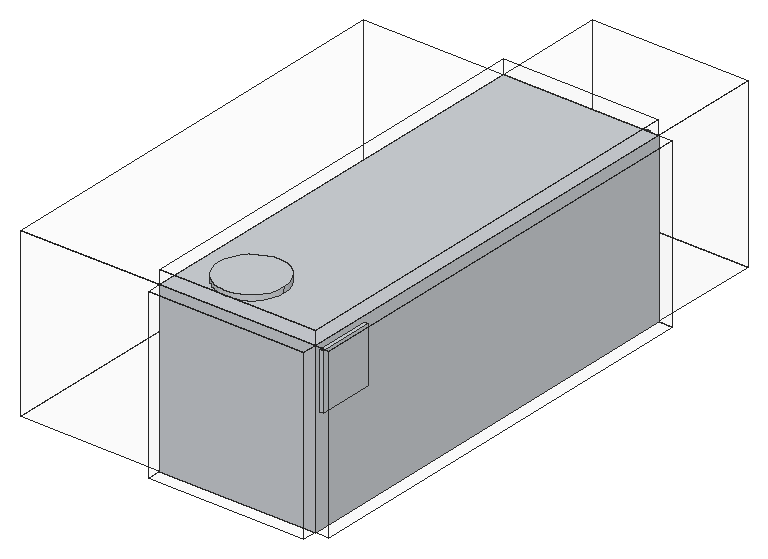
Revit family
Parameters (values of type "CHN2072")
  water outlet radius = 1 1/4"
  water inlet/outlet center to center [instance] = 11 1/4"
  water inlet radius = 1 1/4"
  WATER OUT CONN SIZE = water outlet radius * 2  # 2 1/2"
  WATER IN CONN SIZE = water inlet radius * 2  # 2 1/2"
  SES BIM Studio # = "201264901-10"
  H_water conn offset from back = 8 3/4"
  vent radius = 7"
  F_vent offset from rear = 11"
  E_vent offset from right side = 11"
  VENT SIZE = vent radius * 2  # 14"
  top clearance = 3"
  rear clearance = 3"
  OUTPUT RATE (BTUH) = "1,759,500"
  front clearance = 30"
  D_water conn ht = 15 3/4"
  DRAIN SIZE = "3/4\""
  C_DEPTH = 33 1/2"
  Total Amps-Heater and Pumps = "6.3"
  Voltage/Heater = "120"
  Voltage/Control = "24"
  URL = "http://www.lochinvar.com/products/default.aspx?type=productline&lineid=7"
  Total Amps = "14"
  Model = "CHN2072"
  Manufacturer = "Lochinvar"
  MODEL NO. = "CHN2072"
  GAS CONN SIZE = gas conn radius * 2  # 2"
  gas conn radius = 1"
  G_gas conn ht = 33 3/4"
  GALLON CAPACITY = "4.8"
  right side clearance = 3"
  B_WIDTH = 92 1/2"
  INPUT RATE (BTUH) = "2,070,000"
  A_HEIGHT = 36"
  FUEL TYPE = "NATURAL GAS"
  Description = "Copper-Fin II Commercial Gas Boiler"
  Fuel Type = "Natural or LP"
  left side clearance = 24"
  air inlet offset from right side = 1"
  AIR INLET WIDTH = 12"
  air inlet offset from top = 1"
  AIR INLET HEIGHT = 12"
  # of Electrical Connections = "1"
Types (10): name | water outlet radius | water inlet/outlet center to center | water inlet radius | WATER OUT CONN SIZE | WATER IN CONN SIZE | H_water conn offset from back | vent radius | F_vent offset from rear | E_vent offset from right side | VENT SIZE | OUTPUT RATE (BTUH) | D_water conn ht | C_DEPTH | Total Amps | Model | MODEL NO. | GAS CONN SIZE | gas conn radius | G_gas conn ht | GALLON CAPACITY | B_WIDTH | INPUT RATE (BTUH) | A_HEIGHT | AIR INLET WIDTH | AIR INLET HEIGHT
  (no name) | 1 1/4" | 11 1/4" | 1 1/4" | 2 1/2" | 2 1/2" | 8 3/4" | 7" | 11" | 11" | 14" | "1,759,500" | 15 3/4" | 33 1/2" | "14" | "CHN2072" | "CHN2072" | 2" | 1" | 33 3/4" | "4.8" | 92 1/2" | "2,070,000" | 36" | 12" | 12"
  CHN0402 | 1" | 6 1/2" | 1" | 2" | 2" | 6 1/2" | 3" | 7" | 7" | 6" | "339,999" | 12 1/2" | 22 1/4" | "6.3" | "CHN0402" | "CHN0402" | 1 1/4" | 5/8" | 29" | "1.5" | 37 3/4" | "399,999" | 31 1/2" | 6" | 6"
  CHN0502 | 1" | 6 1/2" | 1" | 2" | 2" | 6 1/2" | 3" | 7" | 7" | 6" | "425,000" | 12 1/2" | 22 1/4" | "6.3" | "CHN0502" | "CHN0502" | 1 1/4" | 5/8" | 29" | "1.7" | 45 1/2" | "500,000" | 31 1/2" | 6" | 6"
  CHN0652 | 1" | 6 1/2" | 1" | 2" | 2" | 6 1/2" | 4" | 8 1/4" | 8 1/2" | 8" | "552,500" | 12 1/2" | 22 1/4" | "8.8" | "CHN0652" | "CHN0652" | 1 1/4" | 5/8" | 29" | "1.9" | 56 3/4" | "650,00" | 31 1/2" | 6" | 6"
  CHN0752 | 1" | 6 1/2" | 1" | 2" | 2" | 6 1/2" | 4" | 8 1/4" | 8 1/2" | 8" | "637,500" | 12 1/2" | 22 1/4" | "8.8" | "CHN0752" | "CHN0752" | 1 1/4" | 5/8" | 29" | "2.0" | 64" | "750,000" | 31 1/2" | 8" | 8"
  CHN0992 | 1 1/4" | 11 1/4" | 1 1/4" | 2 1/2" | 2 1/2" | 8 3/4" | 5" | 8 1/2" | 8 1/2" | 10" | "841,500" | 15 3/4" | 33 1/2" | "10.5" | "CHN0992" | "CHN0992" | 2" | 1" | 33 3/4" | "3.4" | 48 1/4" | "990,000" | 36" | 10" | 10"
  CHN1262 | 1 1/4" | 11 1/4" | 1 1/4" | 2 1/2" | 2 1/2" | 8 3/4" | 6" | 9 1/2" | 10 1/2" | 12" | "1,071,000" | 15 3/4" | 33 1/2" | "10.5" | "CHN1262" | "CHN1262" | 2" | 1" | 33 3/4" | "3.7" | 58 1/2" | "1,260,000" | 36" | 12" | 12"
  CHN1442 | 1 1/4" | 11 1/4" | 1 1/4" | 2 1/2" | 2 1/2" | 8 3/4" | 6" | 10 1/2" | 10 1/2" | 12" | "1,224,000" | 15 3/4" | 33 1/2" | "14" | "CHN1442" | "CHN1442" | 2" | 1" | 33 3/4" | "4.1" | 68 3/4" | "1,440,000" | 36" | 12" | 12"
  CHN1802 | 1 1/4" | 11 1/4" | 1 1/4" | 2 1/2" | 2 1/2" | 8 3/4" | 7" | 11" | 11" | 14" | "1,530,000" | 15 3/4" | 33 1/2" | "14" | "CHN1802" | "CHN1802" | 2" | 1" | 33 3/4" | "4.5" | 82 1/4" | "1,800,000" | 36" | 12" | 12"
  CHN2072 | 1 1/4" | 11 1/4" | 1 1/4" | 2 1/2" | 2 1/2" | 8 3/4" | 7" | 11" | 11" | 14" | "1,759,500" | 15 3/4" | 33 1/2" | "14" | "CHN2072" | "CHN2072" | 2" | 1" | 33 3/4" | "4.8" | 92 1/2" | "2,070,000" | 36" | 12" | 12"
Reference planes (in)
  plane 1 "Center (Front/Back)": y = 2
  plane 2: z = 0
  plane 3 "Center (Left/Right)": x = 0
  plane 4 "Front": x = -16.75
  plane 5 "Left": y = 48.25
  plane 6 "Right": y = -44.25
  plane 7 "Top": z = 36
  plane 8 "Back": x = 16.75
  plane 9: z = 33.75
  plane 10 "Outlet offset plane": x = 8
  plane 11 "inlet/outlet": z = 15.75
  plane 12 "Air Inlet Width": y = -31.25
  plane 13 "Air Inlet offset plane": y = -43.25
  plane 14 "Vent offset plane": y = -33.25
  plane 15 "Inlet offset Plane": x = -3.25
  plane 16 "VENT C/L": x = -5.75
  plane 17 "Bottom of Casing": z = 2
  plane 18 "Air Inlet Top": z = 35
  plane 19: z = 23
  plane 20 "Gas offset plane": x = 12.75
Forms (in)
  Extrusion 1, solid
    sketch origin (0, 0, 0) x (1, 0, 0) y (0, 1, 0)
      loop
        line (-16.75, 48.25) -> (-16.75, -44.25) -> (16.75, -44.25) -> (16.75, 48.25) -> (-16.75, 48.25)
    from 0 to 36
  Extrusion 2, solid
    sketch origin (0, 48.25, 0) x (1, 0, 0) y (0, 0, 1)
      loop
        circle (8, 15.75) r 1.25
    from 0 to -1
  Extrusion 3, solid
    sketch origin (12.5, -180, 33.34128) x (-1, 0, 0) y (0, -1, 0)
      loop
        circle (18.25, -146.75) r 7
    from 2.65872 to 3.75
  Extrusion 4, solid, material "Clearance"
    sketch origin (-22.25, 0, 0) x (1, 0, 0) y (0, 1, 0)
      loop
        line (-24.5, 48.25) -> (-24.5, -44.25) -> (5.5, -44.25) -> (5.5, 48.25) -> (-24.5, 48.25)
    from 0 to 36
  Extrusion 5, solid, material "Clearance"
    sketch origin (24, 0, 0) x (1, 0, 0) y (0, 1, 0)
      loop
        line (-7.25, 48.25) -> (-7.25, -44.25) -> (-4.25, -44.25) -> (-4.25, 48.25) -> (-7.25, 48.25)
    from 0 to 36
  Extrusion 6, solid, material "Clearance"
    sketch origin (0, -45.25, 0) x (1, 0, 0) y (0, 1, 0)
      loop
        line (-16.75, 1) -> (-16.75, -2) -> (16.75, -2) -> (16.75, 1) -> (-16.75, 1)
    from 0 to 36
  Extrusion 7, solid, material "Clearance"
    sketch origin (60, 24, 0) x (1, 0, 0) y (0, 1, 0)
      loop
        line (-76.75, 48.25) -> (-76.75, 24.25) -> (-43.25, 24.25) -> (-43.25, 48.25) -> (-76.75, 48.25)
    from 0 to 36
  Extrusion 8, solid, material "Clearance"
    sketch origin (3, 0, 33.25) x (1, 0, 0) y (0, 1, 0)
      loop
        line (-19.75, 48.25) -> (-19.75, -44.25) -> (13.75, -44.25) -> (13.75, 48.25) -> (-19.75, 48.25)
    from 2.75 to 5.75
  Extrusion 9, solid
    sketch origin (-6, 24.625, 0) x (1, 0, 0) y (0, 0, 1)
      loop
        circle (2.75, 15.75) r 1.25
    from -23.625 to -24.625
  Extrusion 10, solid
    sketch origin (0, 48.25, 0) x (1, 0, 0) y (0, 0, 1)
      loop
        circle (12.75, 33.75) r 1
    from 0 to -2
  Extrusion 11, solid
    sketch origin (16.75, 0, 0) x (0, 1, 0) y (0, 0, 1)
      loop
        line (-43.25, 35) -> (-43.25, 23) -> (-31.25, 23) -> (-31.25, 35) -> (-43.25, 35)
    from 0 to 1
Lines and regions (in)
  reference lines
    curve 1: line (16.75, -44.25, 0) -> (16.75, 48.25, 0)
Text (in)
  text "VENT" at (-7.07319, 9.49648, 0), in view "Ref. Level"
  text "Outlet" at (10.60483, 0, 10.45411), in view "Left"
  text "Inlet" at (-0.39517, 0, 10.45411), in view "Left"
  text "FRONT" at (-6.59392, 0, -6.80343), in view "Right"
  text "FRONT" at (-60.0409, 11.34615, 0), in view "Ref. Level"
  text "BACK" at (95.9591, 11.34615, 0), in view "Ref. Level"
  text "RIGHT" at (3.05477, -68.89429, 0), in view "Ref. Level"
  text "LEFT" at (3.05477, 70.10571, 0), in view "Ref. Level"
Dimensions and locks (in)
  equal spacing: plane 4 "Front", plane 3 "Center (Left/Right)", plane 8 "Back"
  "C_DEPTH": plane 4 "Front" to plane 8 "Back"
  "A_HEIGHT": plane 7 "Top" to level
  "D_water conn ht": plane 11 "inlet/outlet" to level
  "B_WIDTH": plane 6 "Right" to plane 5 "Left"
  "E_vent offset from right side": plane 6 "Right" to plane 14 "Vent offset plane"
  equal spacing: plane 6 "Right", plane 1 "Center (Front/Back)", plane 5 "Left"
  locked: Extrusion 3 to Extrusion 1 at 1.09128
  "front clearance": Extrusion 4 to plane 4 "Front"
  "rear clearance": Extrusion 5 to Extrusion 5
  "right side clearance": Extrusion 6 to Extrusion 6
  "top clearance": Extrusion 7 to Extrusion 8
  locked: plane 5 "Left" to Extrusion 9 at 1
  plane 7 "Top" to Extrusion 3 = 1.09128"
  "left side clearance": Extrusion 7 to Extrusion 8
  "F_vent offset from rear": plane 4 "Front" to plane 16 "VENT C/L"
  "G_gas conn ht": plane 2 to plane 9
  plane 15 "Inlet offset Plane" to plane 10 "Outlet offset plane" = 11 1/4"
  "air inlet offset from top": plane 7 "Top" to plane 18 "Air Inlet Top"
  "air inlet offset from right side": plane 13 "Air Inlet offset plane" to plane 6 "Right"
  "AIR INLET WIDTH": plane 12 "Air Inlet Width" to plane 13 "Air Inlet offset plane"
  "AIR INLET HEIGHT": plane 18 "Air Inlet Top" to plane 19
  "H_water conn offset from back": plane 8 "Back" to plane 10 "Outlet offset plane"
  "water inlet/outlet center to center": plane 10 "Outlet offset plane" to plane 15 "Inlet offset Plane"
  plane 8 "Back" to plane 20 "Gas offset plane" = 4"
  radius of Extrusion 2 = 1 1/4"
  "water outlet radius": radius of Extrusion 2 sketch curve
  "water inlet radius": radius of Extrusion 9 sketch curve
  "vent radius": radius of Extrusion 3 sketch curve
  "gas conn radius": radius of Extrusion 10 sketch curve
  aligned and locked: Extrusion 1 to plane 4 "Front"
  aligned and locked: plane 7 "Top" to Extrusion 1
  aligned and locked: plane 11 "inlet/outlet" to Extrusion 2 sketch curve
  aligned and locked: plane 6 "Right" to Extrusion 1
  aligned and locked: Extrusion 1 to plane 5 "Left"
  aligned and locked: Extrusion 1 to level
  aligned and locked: Extrusion 3 to Extrusion 1
  aligned and locked: Extrusion 6 to plane 4 "Front"
  aligned and locked: plane 8 "Back" to Extrusion 6
  aligned: plane 8 "Back" to Extrusion 7
  aligned: Extrusion 7 to plane 4 "Front"
  aligned and locked: Extrusion 1 to Extrusion 6
  aligned and locked: Extrusion 1 to Extrusion 5
  aligned and locked: Extrusion 1 to Extrusion 7
  aligned and locked: Extrusion 8 to plane 4 "Front"
  aligned and locked: plane 8 "Back" to Extrusion 8
  aligned and locked: Extrusion 8 to Extrusion 4
  aligned and locked: Extrusion 6 to Extrusion 4
  aligned and locked: plane 8 "Back" to Extrusion 7
  aligned and locked: plane 4 "Front" to Extrusion 7
  aligned and locked: plane 5 "Left" to Extrusion 8
  aligned and locked: Extrusion 4 to Extrusion 2
  aligned and locked: plane 16 "VENT C/L" to Extrusion 3 sketch curve
  aligned and locked: plane 5 "Left" to Extrusion 9
  aligned and locked: Extrusion 11 sketch curve to plane 12 "Air Inlet Width"
  aligned and locked: plane 13 "Air Inlet offset plane" to Extrusion 11 sketch curve
  aligned and locked: plane 18 "Air Inlet Top" to Extrusion 11 sketch curve
  aligned and locked: Extrusion 11 sketch curve to plane 19
Automatic sketch dimensions
  Extrusion 1 sketch curve to plane 4 "Front" = 0"
  plane 5 "Left" to Extrusion 1 sketch curve = 0"
  Extrusion 1 sketch curve to plane 8 "Back" = 0"
  plane 6 "Right" to Extrusion 1 sketch curve = 0"
  Extrusion 2 sketch curve to plane 10 "Outlet offset plane" = 0"
  curve 1 to level = 0"
  curve 1 to plane 6 "Right" = 0"
  curve 1 to plane 5 "Left" = 0"
  plane 6 "Right" to Extrusion 4 sketch curve = 0"
  plane 5 "Left" to Extrusion 4 sketch curve = 0"
  Extrusion 4 sketch curve to plane 4 "Front" = 0"
  Extrusion 4 sketch curve to plane 4 "Front" = 30"
  plane 6 "Right" to Extrusion 5 sketch curve = 0"
  Extrusion 5 sketch curve to plane 8 "Back" = 0"
  plane 5 "Left" to Extrusion 5 sketch curve = 0"
  Extrusion 5 sketch curve to Extrusion 5 sketch curve = 3"
  Extrusion 6 sketch curve to plane 4 "Front" = 0"
  plane 6 "Right" to Extrusion 6 sketch curve = 0"
  Extrusion 6 sketch curve to plane 8 "Back" = 0"
  plane 5 "Left" to Extrusion 7 sketch curve = 0"
  Extrusion 7 sketch curve to plane 8 "Back" = 33 1/2"
  Extrusion 7 sketch curve to plane 5 "Left" = 24"
  Extrusion 7 sketch curve to Extrusion 7 sketch curve = 33 1/2"
  Extrusion 8 sketch curve to plane 4 "Front" = 0"
  Extrusion 8 sketch curve to plane 5 "Left" = 0"
  Extrusion 8 sketch curve to plane 8 "Back" = 0"
  plane 6 "Right" to Extrusion 8 sketch curve = 0"
  Extrusion 9 sketch curve to plane 11 "inlet/outlet" = 0"
  Extrusion 9 sketch curve to plane 15 "Inlet offset Plane" = 0"
  plane 14 "Vent offset plane" to Extrusion 3 sketch curve = 0"
  Extrusion 6 sketch curve to Extrusion 6 sketch curve = 3"
  Extrusion 10 sketch curve to plane 9 = 0"
  Extrusion 10 sketch curve to plane 20 "Gas offset plane" = 0"
Connectors (in)
  piping at (8, 49.25, 15.75), driven by "water outlet radius"
    settings: on Extrusion 2, index 3, connector radius 1 1/4", flow factor 0, pipe flow 0 GPM, pressure drop 0.00 psi, fitting loss kfactor 0, connector angle 0.00°, fixture units 0, flow configuration 0, flow direction 2, fitting loss method 0, system type 7, connector reference index -1, connector utility 0, adjustable connector no, is connector primary yes, fitting loss table "", connector description "Water Outlet Connection"
  piping at (-3.25, 49.25, 15.75), driven by "water inlet radius"
    settings: on Extrusion 9, index 4, connector radius 1 1/4", flow factor 0, pipe flow 0 GPM, pressure drop 0.00 psi, fitting loss kfactor 0, connector angle 0.00°, fixture units 0, flow configuration 0, flow direction 1, fitting loss method 0, system type 8, connector reference index -1, connector utility 0, adjustable connector no, is connector primary no, fitting loss table "", connector description "Water Inlet Connection"
  hvac at (-5.75, -33.25, 37.09128), driven by "vent radius"
    settings: on Extrusion 3, index 5, duct flow 0 CFM, flow factor 0, pres drop 0.00 in-wg, loss coef 0, conn angle 0.00°, conn width 12", conn height 12", conn radius 7", duct sys type 1, conn prof type 0, flow config 0, flow direction 0, loss method 0, conn ref index -1, conn util no, is conn primary yes, conn desc "Vent Connection"
  piping at (12.75, 50.25, 33.75), driven by "gas conn radius"
    settings: on Extrusion 10, index 6, connector radius 1", flow factor 0, pipe flow 0 GPM, pressure drop 0.00 psi, fitting loss kfactor 0, connector angle 0.00°, fixture units 0, flow configuration 0, flow direction 1, fitting loss method 0, system type 22, connector reference index -1, connector utility 0, adjustable connector no, is connector primary no, fitting loss table "", connector description "Gas Conn"
